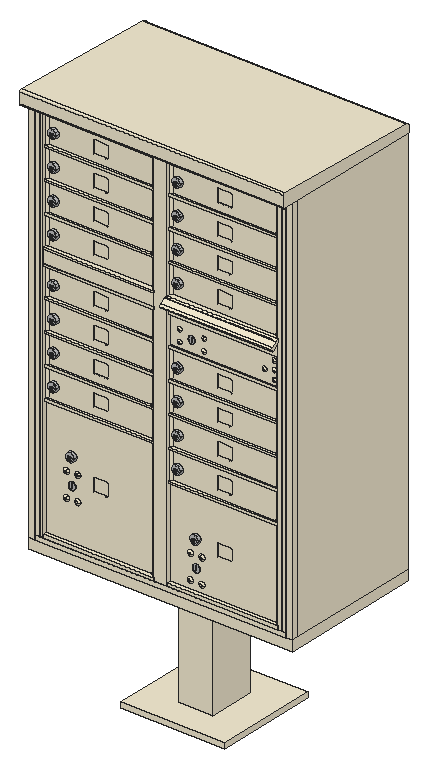
Revit family "Mailboxes_Cluster_Box_Units-Salsbury_Industries-Type_I_II_III_IV", category Specialty Equipment, Revit 2016 (continued)
Definition of nested family "3300 Series CBU Door Configurations"
  Dimensions and locks (in)
    equal spacing: plane 6 "Back Face of Door", plane 1 "Center (Front/Back)", plane 7 "Front Face of Door"
    "Door Depth": plane 6 "Back Face of Door" to plane 7 "Front Face of Door"
    equal spacing: plane 4 "Left Side Face of Door", plane 3 "Center (Left/Right)", plane 5 "Right Side Face of Door"  (x2)
    "Door Width": plane 4 "Left Side Face of Door" to plane 5 "Right Side Face of Door"
    plane 7 "Front Face of Door" to plane 10 "Face of Divider" = 0.312"
    "Center Lock-Vertical": plane 4 "Left Side Face of Door" to plane 11 "Center Lock Vertical"
    "Inset Offset": plane 16 "Inset Offset" to plane 7 "Front Face of Door"
    plane 4 "Left Side Face of Door" to plane 5 "Right Side Face of Door" = 12.885"
    plane 6 "Back Face of Door" to plane 10 "Face of Divider" = 0.426"  (x2)
    "Door Height": plane 8 to plane 2 "Bottom of Door"
    equal spacing: plane 8, plane 9, plane 2 "Bottom of Door"
    locked: plane 14 "Divider Height Align" to plane 8 at 0.25
    plane 17 to plane 9 to plane 18 = 0.37515" locked, 0.37452" locked
    plane 10 "Face of Divider" to plane 7 "Front Face of Door" = 0.312"
    locked: plane 10 "Face of Divider" to plane 13 "Face of Lock" at 0.01517
    plane 9 to plane 12 "Center Lock Horizontal" to plane 2 "Bottom of Door" = 0.222", 2.278"
    aligned and locked: level to plane 2 "Bottom of Door"
    aligned and locked: plane 4 "Left Side Face of Door" to Extrusion 1
    aligned and locked: plane 6 "Back Face of Door" to Extrusion 1
    aligned and locked: plane 7 "Front Face of Door" to Extrusion 1
    aligned and locked: plane 8 to Extrusion 1
    aligned and locked: Extrusion 3 sketch curve to plane 4 "Left Side Face of Door"
    aligned and locked: Extrusion 3 sketch curve to plane 6 "Back Face of Door"
    aligned and locked: plane 5 "Right Side Face of Door" to Extrusion 3 sketch curve
    aligned and locked: Extrusion 3 to plane 8
    aligned and locked: plane 10 "Face of Divider" to Extrusion 3 sketch curve
    aligned and locked: plane 14 "Divider Height Align" to Extrusion 3
    aligned and locked: cut or joined group of Extrusion 1, Extrusion 6 to plane 2 "Bottom of Door"
    aligned and locked: plane 18 to text3d elem
    aligned and locked: curve 1 to Extrusion 3
    aligned and locked: curve 2 to Extrusion 3
    aligned and locked: curve 3 to cut or joined group of Extrusion 1, Extrusion 6
    aligned and locked: curve 4 to cut or joined group of Extrusion 1, Extrusion 6
    aligned and locked: curve 5 to cut or joined group of Extrusion 1, Extrusion 6
    aligned and locked: curve 6 to Extrusion 3
    aligned and locked: curve 7 to cut or joined group of Extrusion 1, Extrusion 6
  Automatic sketch dimensions
    Blend 2 sketch curve to plane 9 = 0.22652"  (x2)
    plane 11 "Center Lock Vertical" to Blend 2 sketch curve = 0.000"  (x2)
    plane 11 "Center Lock Vertical" to Extrusion 4 sketch curve = 0.000"
    Extrusion 4 sketch curve to plane 9 = 0.34652"
    Extrusion 4 sketch curve to Extrusion 4 sketch curve = 0.285"
    plane 11 "Center Lock Vertical" to Extrusion 5 sketch curve = 0.02933"
    Extrusion 5 sketch curve to plane 11 "Center Lock Vertical" = 0.03067"
    Extrusion 5 sketch curve to plane 9 = 0.51822"
    Extrusion 5 sketch curve to plane 9 = 0.21822"
    Extrusion 6 sketch curve to plane 9 = 0.750"
    Extrusion 6 sketch curve to Extrusion 6 sketch curve = 0.125"  (x3)
    plane 9 to Extrusion 6 sketch curve = 0.625"  (x2)
    plane 3 "Center (Left/Right)" to Extrusion 6 sketch curve = 0.7775"
    plane 15 "Inset Center" to Extrusion 6 sketch curve = 0.750"
    Extrusion 1 sketch curve to plane 4 "Left Side Face of Door" = 0.000"
    Extrusion 1 sketch curve to plane 7 "Front Face of Door" = 0.000"
    Extrusion 1 sketch curve to plane 5 "Right Side Face of Door" = 0.000"
    Extrusion 1 sketch curve to plane 6 "Back Face of Door" = 0.000"
    plane 13 "Face of Lock" to Extrusion 1 sketch curve = 0.0053"
    Extrusion 1 sketch curve to plane 13 "Face of Lock" = 0.11122"
    plane 5 "Right Side Face of Door" to Extrusion 1 sketch curve = 0.61221"
    Extrusion 1 sketch curve to plane 7 "Front Face of Door" = 0.090"
    plane 5 "Right Side Face of Door" to Extrusion 1 sketch curve = 0.22088"
    Extrusion 1 sketch curve to Extrusion 1 sketch curve = 0.02588"
    Extrusion 1 sketch curve to plane 7 "Front Face of Door" = 0.0867"
    Extrusion 1 sketch curve to Extrusion 1 sketch curve = 0.03534"
    Extrusion 1 sketch curve to Extrusion 1 sketch curve = 0.07534"
    curve 8 to plane 11 "Center Lock Vertical" = 0.00067"
    plane 12 "Center Lock Horizontal" to curve 8 = 0.00378"
    radius of Blend 2 sketch curve = 0.525"
    radius of Blend 2 sketch curve = 0.485"
    radius of curve 8 = 0.5256"
Definition of nested family "3300 Series CBU Parcel Configurations"
  Parameters (values of type "CBU Large Parcel")
    Weight = ""
    Visible Door Number = yes
    URL = ""
    Parcel Lock = yes
    Number Inset = yes
    Model = "3300 Parcel Door"
    Manufacturer = "Salsbury Industries"
    Lock Offset = 8.887"
    Lock Material = none
    Door Width = 12.885"
    Door Number [instance] = "1P"
    Front Panel Material = none
    Door Height = 13.750"
    Door Divider = yes
    Door Depth = 0.114"
    Description = "Large Parcel Door for 3300 Series CBU Cluster Box Units"
    Cost = 0
    Center Lock-Vertical = 3.025"
    Center Lock-Horizontal = 3.025"
  Types (2): name | Lock Offset | Door Height | Description
    CBU Large Parcel | 8.887" | 13.750" | "Large Parcel Door for 3300 Series CBU Cluster Box Units"
    CBU Small Parcel | 5.394" | 10.250" | "Small Parcel Door for 3300 Series CBU Cluster Box Units"
  Reference planes (in)
    plane 1 "Center (Front/Back)": y = 0
    plane 2 "Bottom of Door": z = 0
    plane 3 "Center (Left/Right)": x = 0
    plane 4 "Left Side Face of Door": x = -6.4425
    plane 5 "Right Side Face of Door": x = 6.4425
    plane 6 "Back Face of Door": y = 0.057
    plane 7 "Front Face of Door": y = -0.057
    plane 8: z = 13.75
    plane 9 "Horiztonal Center of Door": z = 6.875
    plane 10 "Front Face of Divider": y = -0.369
    plane 11 "Center Lock Vertical": x = -3.4175
    plane 12 "Face of Lock": y = -0.42383
    plane 13 "Divider Height Align": z = 14
    plane 14 "Inset Center": x = -0.0975
    plane 15 "Bottom lock align": z = 5.79755
    plane 16 "Top Stud Align": z = 7.17255
    plane 17 "Bottom Stud Align": z = 4.36053
    plane 18 "Left Stud Align": x = -4.0738
    plane 19 "Right Stud Align": x = -2.7613
    plane 20 "Lock Center Align": z = 8.887
    plane 21: z = 8.74228
    plane 22: z = 8.5953
    plane 23 "PL6 Lock Offset Align": z = 0
    plane 24: y = -0.18295
    plane 25: z = 7.625
    plane 26: z = 6.125
    plane 27: z = 7.25
    plane 28: z = 6.5
  Forms (in)
    Extrusion 1, solid, material <- "Front Panel Material", visible <- "Number Inset"
      sketch origin (0, 0, 0) x (1, 0, 0) y (0, 1, 0)
        loop
          line (-6.4425, 0.057) -> (-6.4425, -0.057) -> (5.83029, -0.057)
          arc (5.83029, -0.057) -> (5.92959, -0.0858) -> (5.99808, -0.16325) r 0.18561
          arc (5.99808, -0.16325) -> (6.08667, -0.30916) -> (6.2475, -0.36636) r 0.2547
          arc (6.2475, -0.36636) -> (6.3867, -0.29375) -> (6.4425, -0.147) r 0.22088
          line (6.4425, -0.147) -> (6.4425, 0.057) -> (-6.4425, 0.057)
      from 0 to 13.75
    Blend 2, solid, material <- "Lock Material"
      base sketch origin (0, -0.057, 0) x (-1, 0, 0) y (0, 0, 1)
        loop
          circle (3.4175, 8.887) r 0.5
      top sketch origin (0, -0.057, 0) x (-1, 0, 0) y (0, 0, 1)
        loop
          circle (3.4175, 8.887) r 0.485
      from 0 to -0.29688
    Extrusion 3, solid, material <- "Front Panel Material", visible <- "Door Divider"
      sketch origin (0, 0, 14) x (-1, 0, 0) y (0, -1, 0)
        loop
          line (6.4425, -0.057) -> (6.4425, 0.369) -> (-6.4425, 0.369) -> (-6.4425, -0.057) -> (6.4425, -0.057)
      from -0.25 to 0
    Extrusion 4, void
      sketch origin (1.55773, -0.35387, 11.93273) x (0, 0, 1) y (-1, 0, 0)
        loop
          circle (-3.16573, 4.97523) r 0.285
      from 0 to -0.01562
    Extrusion 5, void
      sketch origin (0, -0.35387, 0) x (1, 0, 0) y (0, 0, 1)
        loop
          line (-3.44683, 8.887) -> (-3.44683, 8.5953) -> (-3.38683, 8.5953) -> (-3.38683, 8.887) -> (-3.44683, 8.887)
      from 0 to -0.03906
    Extrusion 6, void, detail levels medium+fine
      sketch origin (0, -0.057, 0) x (-1, 0, 0) y (0, 0, 1)
        loop
          line (0.8475, 7.625) -> (-0.6525, 7.625)
          arc (-0.6525, 7.625) -> (-0.74089, 7.58839) -> (-0.7775, 7.5) r 0.125
          line (-0.7775, 7.5) -> (-0.7775, 6.25)
          arc (-0.7775, 6.25) -> (-0.74089, 6.16161) -> (-0.6525, 6.125) r 0.125
          line (-0.6525, 6.125) -> (0.8475, 6.125)
          arc (0.8475, 6.125) -> (0.93589, 6.16161) -> (0.9725, 6.25) r 0.125
          line (0.9725, 6.25) -> (0.9725, 7.5)
          arc (0.9725, 7.5) -> (0.93589, 7.58839) -> (0.8475, 7.625) r 0.125
      from 0 to 0.03906
    Extrusion 7, void
      sketch origin (0, -0.057, 0) x (-1, 0, 0) y (0, 0, 1)
        loop
          circle (3.4175, 5.79755) r 0.4375
      from 0 to 0.25391
    Extrusion 8, solid, material <- "Lock Material", visible <- "Parcel Lock"
      sketch origin (0, 0.057, 0) x (-1, 0, 0) y (0, 0, 1)
        loop
          circle (3.4175, 5.79755) r 0.42913
      from 0 to -0.114
    Extrusion 9, void
      sketch origin (0, 0.057, 0) x (-1, 0, 0) y (0, 0, 1)
        loop
          line (3.4468, 6.10714) -> (3.3882, 6.10714) -> (3.3882, 5.48795) -> (3.4468, 5.48795) -> (3.4468, 6.10714)
      from -0.057 to -0.114
    Blend 10, solid, material <- "Front Panel Material", detail levels medium+fine
      base sketch origin (0, -0.12695, -2.2297) x (-1, 0, 0) y (0, 0, 1)
        loop
          circle (4.0738, 6.59023) r 0.15665
      top sketch origin (0, -0.12695, -2.2297) x (-1, 0, 0) y (0, 0, 1)
        loop
          circle (4.0738, 6.59023) r 0.3125
      from -0.056 to 0.06995
    Blend 11, solid, material <- "Front Panel Material", detail levels medium+fine
      base sketch origin (1.3125, -0.12695, -3.9797) x (-1, 0, 0) y (0, 0, 1)
        loop
          circle (4.0738, 8.34023) r 0.15665
      top sketch origin (1.3125, -0.12695, -3.9797) x (-1, 0, 0) y (0, 0, 1)
        loop
          circle (4.0738, 8.34023) r 0.3125
      from -0.056 to 0.06995
    Blend 12, solid, material <- "Front Panel Material", detail levels medium+fine
      base sketch origin (0, -0.12695, 4.08231) x (-1, 0, 0) y (0, 0, 1)
        loop
          circle (4.0738, 3.09023) r 0.15665
      top sketch origin (0, -0.12695, 4.08231) x (-1, 0, 0) y (0, 0, 1)
        loop
          circle (4.0738, 3.09023) r 0.3125
      from -0.056 to 0.06995
    Blend 13, solid, material <- "Front Panel Material", detail levels medium+fine
      base sketch origin (1.3125, -0.12695, 2.33231) x (-1, 0, 0) y (0, 0, 1)
        loop
          circle (4.0738, 4.84023) r 0.15665
      top sketch origin (1.3125, -0.12695, 2.33231) x (-1, 0, 0) y (0, 0, 1)
        loop
          circle (4.0738, 4.84023) r 0.3125
      from -0.056 to 0.06995
  Cuts and joins
    Extrusion 4, Extrusion 5 cuts Blend 2
    Extrusion 6, Extrusion 7 cuts Extrusion 1
    Extrusion 9 cuts Extrusion 8
  Lines and regions (in)
    symbolic lines
      curve 1: line (-6.4425, -0.057, 14) -> (6.4425, -0.057, 14)
      curve 2: line (-6.4425, -0.057, 0) -> (-6.4425, -0.057, 14)
      curve 3: line (6.4425, -0.057, 0) -> (-6.4425, -0.057, 0)
      curve 4: line (6.4425, -0.057, 14) -> (6.4425, -0.057, 0)
      curve 5: line (-6.4425, -0.057, 13.75) -> (6.4425, -0.057, 13.75)
      curve 6: line (5.99808, -0.057, 0) -> (5.99808, -0.057, 13.75)
      curve 7: line (6.2475, -0.057, 0) -> (6.2475, -0.057, 13.75)
      curve 8: circle (-3.41683, -0.057, 8.887) r 0.50041 normal (0, 1, 0)
      curve 9: circle (-3.4175, -0.057, 5.79755) r 0.42913 normal (0, 1, 0)
      curve 10: circle (-4.0738, -0.057, 7.17255) r 0.3125 normal (0, 1, 0)
      curve 11: circle (-2.7613, -0.057, 7.17255) r 0.3125 normal (0, 1, 0)
      curve 12: circle (-2.7613, -0.057, 4.36053) r 0.3125 normal (0, 1, 0)
      curve 13: circle (-4.0738, -0.057, 4.36053) r 0.3125 normal (0, 1, 0)
  Dimensions and locks (in)
    equal spacing: plane 6 "Back Face of Door", plane 1 "Center (Front/Back)", plane 7 "Front Face of Door"
    "Door Depth": plane 6 "Back Face of Door" to plane 7 "Front Face of Door"
    equal spacing: plane 4 "Left Side Face of Door", plane 3 "Center (Left/Right)", plane 5 "Right Side Face of Door"
    "Door Width": plane 4 "Left Side Face of Door" to plane 5 "Right Side Face of Door"
    equal spacing: plane 8, plane 9 "Horiztonal Center of Door", level
    plane 7 "Front Face of Door" to plane 10 "Front Face of Divider" = 0.312"
    "Center Lock-Vertical": plane 4 "Left Side Face of Door" to plane 11 "Center Lock Vertical"
    locked: plane 13 "Divider Height Align" to plane 8 at 0.25
    plane 6 "Back Face of Door" to plane 10 "Front Face of Divider" = 0.426"
    plane 4 "Left Side Face of Door" to plane 5 "Right Side Face of Door" = 12.885"
    plane 20 "Lock Center Align" to plane 21 to plane 22 = 0.14472" locked, 0.14698" locked
    plane 20 "Lock Center Align" to plane 16 "Top Stud Align" to plane 15 "Bottom lock align" to plane 17 "Bottom Stud Align" = 1.71445", 1.375", 1.43701" locked
    "Lock Offset": plane 20 "Lock Center Align" to level
    "Door Height": plane 8 to plane 2 "Bottom of Door"
    plane 18 "Left Stud Align" to plane 11 "Center Lock Vertical" to plane 19 "Right Stud Align" = 0.6563" locked, 0.6562" locked
    plane 25 to plane 9 "Horiztonal Center of Door" to plane 26 = 0.750" locked, 0.750" locked
    plane 27 to plane 9 "Horiztonal Center of Door" to plane 28 = 0.375", 0.375"
    aligned and locked: level to plane 2 "Bottom of Door"
    aligned and locked: plane 4 "Left Side Face of Door" to Extrusion 1
    aligned and locked: plane 6 "Back Face of Door" to Extrusion 1
    aligned and locked: plane 7 "Front Face of Door" to Extrusion 1
    aligned and locked: Extrusion 1 to level
    aligned and locked: plane 8 to Extrusion 1
    aligned and locked: Extrusion 3 sketch curve to plane 4 "Left Side Face of Door"
    aligned and locked: Extrusion 3 sketch curve to plane 6 "Back Face of Door"
    aligned and locked: plane 5 "Right Side Face of Door" to Extrusion 3 sketch curve
    aligned and locked: Extrusion 3 to plane 8
    aligned and locked: plane 13 "Divider Height Align" to Extrusion 3
    aligned and locked: plane 4 "Left Side Face of Door" to Extrusion 3
    aligned and locked: Extrusion 3 to plane 5 "Right Side Face of Door"
    aligned and locked: Blend 10 to cut or joined group of Extrusion 1, Extrusion 6, Extrusion 7
    aligned and locked: Blend 11 to cut or joined group of Extrusion 1, Extrusion 6, Extrusion 7
    aligned and locked: Blend 12 to cut or joined group of Extrusion 1, Extrusion 6, Extrusion 7
    aligned and locked: Blend 13 to cut or joined group of Extrusion 1, Extrusion 6, Extrusion 7
    aligned and locked: plane 16 "Top Stud Align" to Blend 12
    aligned and locked: plane 16 "Top Stud Align" to Blend 13
    aligned and locked: plane 17 "Bottom Stud Align" to Blend 10
    aligned and locked: plane 17 "Bottom Stud Align" to Blend 11
    aligned and locked: plane 22 to cut or joined group of Blend 2, Extrusion 4, Extrusion 5
    aligned and locked: plane 20 "Lock Center Align" to cut or joined group of Blend 2, Extrusion 4, Extrusion 5
    aligned and locked: cut or joined group of Extrusion 1, Extrusion 6, Extrusion 7 to plane 23 "PL6 Lock Offset Align"
    aligned and locked: Extrusion 8 to plane 7 "Front Face of Door"
    aligned and locked: Extrusion 3 to plane 10 "Front Face of Divider"
    aligned and locked: plane 25 to cut or joined group of Extrusion 1, Extrusion 6, Extrusion 7
    aligned and locked: plane 26 to cut or joined group of Extrusion 1, Extrusion 6, Extrusion 7
    aligned and locked: Extrusion 6 sketch curve to plane 25
    aligned and locked: plane 26 to Extrusion 6 sketch curve
    aligned and locked: plane 28 to text3d elem
    aligned and locked: plane 27 to text3d elem
    aligned and locked: curve 1 to Extrusion 3
    aligned and locked: curve 2 to Extrusion 3
    aligned and locked: curve 3 to cut or joined group of Extrusion 1, Extrusion 6, Extrusion 7
    aligned and locked: curve 4 to cut or joined group of Extrusion 1, Extrusion 6, Extrusion 7
    aligned and locked: curve 5 to Extrusion 3
    aligned and locked: curve 6 to cut or joined group of Extrusion 1, Extrusion 6, Extrusion 7
    aligned and locked: curve 7 to cut or joined group of Extrusion 1, Extrusion 6, Extrusion 7
  Automatic sketch dimensions
    plane 11 "Center Lock Vertical" to Extrusion 7 sketch curve = 0.000"
    Extrusion 7 sketch curve to plane 15 "Bottom lock align" = 0.000"
    plane 11 "Center Lock Vertical" to Extrusion 8 sketch curve = 0.000"
    Extrusion 8 sketch curve to plane 15 "Bottom lock align" = 0.000"
    Extrusion 9 sketch curve to plane 11 "Center Lock Vertical" = 0.0293"
    plane 11 "Center Lock Vertical" to Extrusion 9 sketch curve = 0.0293"
    Extrusion 9 sketch curve to plane 15 "Bottom lock align" = 0.30959"
    plane 15 "Bottom lock align" to Extrusion 9 sketch curve = 0.30959"
    Blend 10 sketch curve to plane 18 "Left Stud Align" = 0.000"  (x2)
    Blend 11 sketch curve to plane 19 "Right Stud Align" = 0.000"  (x2)
    plane 18 "Left Stud Align" to Blend 12 sketch curve = 0.000"  (x2)
    plane 19 "Right Stud Align" to Blend 13 sketch curve = 0.000"  (x2)
    Blend 12 sketch curve to plane 16 "Top Stud Align" = 0.000"  (x2)
    Blend 13 sketch curve to plane 16 "Top Stud Align" = 0.000"  (x2)
    plane 17 "Bottom Stud Align" to Blend 10 sketch curve = 0.000"  (x2)
    plane 17 "Bottom Stud Align" to Blend 11 sketch curve = 0.000"  (x2)
    Extrusion 4 sketch curve to Extrusion 4 sketch curve = 0.000"  (x2)
    plane 11 "Center Lock Vertical" to Extrusion 4 sketch curve = 0.000"
    plane 21 to Extrusion 4 sketch curve = 0.02472"
    Extrusion 4 sketch curve to plane 11 "Center Lock Vertical" = 0.285"
    plane 11 "Center Lock Vertical" to Blend 2 sketch curve = 0.000"  (x2)
    Blend 2 sketch curve to plane 20 "Lock Center Align" = 0.000"  (x2)
    Extrusion 3 sketch curve to plane 10 "Front Face of Divider" = 0.000"
    Extrusion 5 sketch curve to plane 22 = 0.000"
    Extrusion 5 sketch curve to plane 20 "Lock Center Align" = 0.000"
    plane 11 "Center Lock Vertical" to Extrusion 5 sketch curve = 0.02933"
    Extrusion 5 sketch curve to plane 11 "Center Lock Vertical" = 0.03067"
    Extrusion 1 sketch curve to plane 4 "Left Side Face of Door" = 0.000"
    Extrusion 1 sketch curve to plane 7 "Front Face of Door" = 0.000"
    Extrusion 1 sketch curve to plane 5 "Right Side Face of Door" = 0.000"
    Extrusion 1 sketch curve to plane 6 "Back Face of Door" = 0.000"
    Extrusion 1 sketch curve to plane 24 = 0.05966"
    plane 5 "Right Side Face of Door" to Extrusion 1 sketch curve = 0.61221"
    plane 24 to Extrusion 1 sketch curve = 0.03596"
    Extrusion 1 sketch curve to Extrusion 1 sketch curve = 0.22088"
    Extrusion 1 sketch curve to Extrusion 1 sketch curve = 0.02588"
    Extrusion 1 sketch curve to Extrusion 1 sketch curve = 0.03534"
    plane 3 "Center (Left/Right)" to Extrusion 6 sketch curve = 0.7775"
    Extrusion 6 sketch curve to Extrusion 6 sketch curve = 0.125"  (x3)
    plane 14 "Inset Center" to Extrusion 6 sketch curve = 0.750"  (x2)
    curve 12 to plane 17 "Bottom Stud Align" = 0.000"
    plane 19 "Right Stud Align" to curve 12 = 0.000"
    curve 11 to plane 16 "Top Stud Align" = 0.000"
    plane 19 "Right Stud Align" to curve 11 = 0.000"
    curve 8 to plane 20 "Lock Center Align" = 0.000"
    plane 11 "Center Lock Vertical" to curve 9 = 0.000"
    curve 10 to plane 16 "Top Stud Align" = 0.000"
    plane 18 "Left Stud Align" to curve 10 = 0.000"
    curve 13 to plane 17 "Bottom Stud Align" = 0.000"
    plane 18 "Left Stud Align" to curve 13 = 0.000"
    curve 9 to plane 15 "Bottom lock align" = 0.000"
    curve 8 to plane 11 "Center Lock Vertical" = 0.00067"
    radius of Extrusion 7 sketch curve = 0.4375"
    radius of Extrusion 8 sketch curve = 0.42913"
    radius of Blend 10 sketch curve = 0.15665"
    radius of Blend 10 sketch curve = 0.3125"
    radius of Blend 11 sketch curve = 0.15665"
    radius of Blend 11 sketch curve = 0.3125"
    radius of Blend 12 sketch curve = 0.15665"
    radius of Blend 12 sketch curve = 0.3125"
    radius of Blend 13 sketch curve = 0.15665"
    radius of Blend 13 sketch curve = 0.3125"
    radius of Blend 2 sketch curve = 0.500"
    radius of Blend 2 sketch curve = 0.485"
    radius of curve 8 = 0.50041"
    radius of curve 9 = 0.42913"
    radius of curve 10 = 0.3125"
    radius of curve 11 = 0.3125"
    radius of curve 12 = 0.3125"
    radius of curve 13 = 0.3125"
Definition of nested family "3300 Series CBU Small Mail Configuration"
  Parameters (values of type "Small Mail Door")
    Weight = ""
    URL = ""
    Top Stud Alignment = 2.000"
    Parcel Lock = yes
    Model = "3700OM2"
    Manufacturer = "Salsbury Industries"
    Mail Plate Text Height = 0.34945"
    Lock Material = none
    Front Panel Material = none
    Door Width = 12.885"
    Door Number [instance] = "101"
    Door Height = 5.250"
    Door Depth = 0.171"
    Description = "OM2 Door for 3700 Series 4C Mailboxes"
    Cost = 0
    Center Lock-Vertical = 2.550"
    Center Lock-Horizontal = 1.927"
  Reference planes (in)
    plane 1 "Center (Front/Back)": y = 0
    plane 2 "Bottom of Door": z = 0
    plane 3 "Center (Left/Right)": x = 0
    plane 4 "Left Side Face of Door": x = -6.4425
    plane 5 "Right Side Face of Door": x = 6.4425
    plane 6 "Back Face of Door": y = 0.0855
    plane 7 "Front Face of Door": y = -0.0855
    plane 8: z = 3.25
    plane 9 "Center": z = 1.625
    plane 10 "Face of Mail Drop": y = -0.3405
    plane 11 "Center Lock Vertical": x = -3.8925
    plane 12 "Center Lock Horizontal": z = 1.323
    plane 13 "Protrusion Start": y = -0.52801
    plane 14 "Divider Height Align": z = 3.251
    plane 15 "Plate Center": x = -0.16063
    plane 16 "Left Stud Align": x = -5.2675
    plane 17 "Right Stud Align": x = -2.4555
    plane 18 "Top Stud Align": z = 1.979
    plane 19 "Bottom Stud Align": z = 0.667
    plane 20 "Top of Mail Drop Divider": z = 5.25
    plane 21 "Top of Mail Slot": z = 4.6704
    plane 22 "Bottom of Mail Slot": z = 3.995
    plane 23 "Left Edge of Mail Slot": x = -5.8585
    plane 24 "Right Edge of Mail Slot": x = 5.8585
    plane 25 "Mail Slot Bottom Protusion": z = 4.7954
    plane 26: y = -0.424
    plane 27: z = 4.4059
    plane 28 "Hing Alignment": x = 5.6715
    plane 29 "Hinge Stud 1": z = 0.575
    plane 30 "Hinge Stud 3": z = 1.575
    plane 31 "Hinge Stud 4": z = 2.575
    plane 32: x = 4.5245
    plane 33: z = 1.55983
    plane 34: z = 1.07581
    plane 35: z = 1.54976
    plane 36: z = 1.09595
  Forms (in)
    Extrusion 1, solid, material <- "Front Panel Material"
      sketch origin (0, 0, 0) x (1, 0, 0) y (0, 1, 0)
        loop
          line (-6.4425, 0.0855) -> (-6.4425, -0.0855) -> (5.8458, -0.0855)
          arc (5.8458, -0.0855) -> (5.96407, -0.1166) -> (6.05175, -0.20184) r 0.24047
          arc (6.05175, -0.20184) -> (6.13128, -0.29316) -> (6.2475, -0.32718) r 0.21552
          arc (6.2475, -0.32718) -> (6.38241, -0.2966) -> (6.4425, -0.172) r 0.15925
          line (6.4425, -0.172) -> (6.4425, 0.0855) -> (-6.4425, 0.0855)
      from 0 to 3.25
    Extrusion 2, void
      sketch origin (0, -0.0855, 3.098) x (-1, 0, 0) y (0, 0, 1)
        loop
          circle (3.8925, -1.775) r 0.407
      from 0 to 0.25391
    Extrusion 3, solid, material <- "Lock Material", visible <- "Parcel Lock"
      sketch origin (0, 0.0855, 3.09941) x (-1, 0, 0) y (0, 0, 1)
        loop
          circle (3.8925, -1.775) r 0.387
      from 0 to -0.171
    Blend 4, solid, material <- "Front Panel Material", detail levels medium+fine
      base sketch origin (0, -0.0855, 2.68123) x (-1, 0, 0) y (0, 0, 1)
        loop
          circle (5.2675, -0.70223) r 0.1
      top sketch origin (0, -0.0855, 2.68123) x (-1, 0, 0) y (0, 0, 1)
        loop
          circle (5.2675, -0.70223) r 0.227
      from -0.11328 to 0
    Blend 5, solid, material <- "Front Panel Material", detail levels medium+fine
      base sketch origin (1.3125, -0.0855, 2.68123) x (-1, 0, 0) y (0, 0, 1)
        loop
          circle (3.768, -0.70223) r 0.1
      top sketch origin (1.3125, -0.0855, 2.68123) x (-1, 0, 0) y (0, 0, 1)
        loop
          circle (3.768, -0.70223) r 0.227
      from -0.11328 to 0
    Blend 6, solid, material <- "Front Panel Material", detail levels medium+fine
      base sketch origin (0, -0.0855, 1.36923) x (-1, 0, 0) y (0, 0, 1)
        loop
          circle (5.2675, -0.70223) r 0.1
      top sketch origin (0, -0.0855, 1.36923) x (-1, 0, 0) y (0, 0, 1)
        loop
          circle (5.2675, -0.70223) r 0.227
      from -0.11328 to 0
    Blend 7, solid, material <- "Front Panel Material", detail levels medium+fine
      base sketch origin (1.3125, -0.0855, 1.36923) x (-1, 0, 0) y (0, 0, 1)
        loop
          circle (3.768, -0.70223) r 0.1
      top sketch origin (1.3125, -0.0855, 1.36923) x (-1, 0, 0) y (0, 0, 1)
        loop
          circle (3.768, -0.70223) r 0.227
      from -0.11328 to 0
    Extrusion 8, solid, material <- "Front Panel Material"
      sketch origin (-2.13946, 0, 3.251) x (-1, 0, 0) y (0, -1, 0)
        loop
          line (4.30304, -0.0855) -> (4.30304, 0.3405) -> (-8.58196, 0.3405) -> (-8.58196, -0.0855) -> (4.30304, -0.0855)
      from 0 to 1.5444
    Extrusion 9, void
      sketch origin (0, -0.275, 0) x (0, 0, -1) y (-1, 0, 0)
        loop
          arc (-3.995, 5.59361) -> (-4.3952, 5.99381) -> (-4.7954, 5.59361) r 0.4002
          line (-4.7954, 5.59361) -> (-4.7954, -5.59342)
          arc (-4.7954, -5.59342) -> (-4.3952, -5.99362) -> (-3.995, -5.59342) r 0.4002
          line (-3.995, -5.59342) -> (-3.995, 5.59361)
      from -0.0655 to 0.3605
    Blend 10, solid, material <- "Front Panel Material", detail levels medium+fine
      base sketch origin (0, -0.0855, 0) x (-1, 0, 0) y (0, 0, 1)
        loop
          circle (-5.672, 0.575) r 0.1
      top sketch origin (0, -0.0855, 0) x (-1, 0, 0) y (0, 0, 1)
        loop
          circle (-5.672, 0.575) r 0.227
      from -0.11328 to 0
    Blend 11, solid, material <- "Front Panel Material", detail levels medium+fine
      base sketch origin (0, -0.0855, 0) x (-1, 0, 0) y (0, 0, 1)
        loop
          circle (-5.6715, 1.575) r 0.1
      top sketch origin (0, -0.0855, 0) x (-1, 0, 0) y (0, 0, 1)
        loop
          circle (-5.6715, 1.575) r 0.227
      from -0.11328 to 0
    Blend 12, solid, material <- "Front Panel Material", detail levels medium+fine
      base sketch origin (0, -0.0855, 0) x (-1, 0, 0) y (0, 0, 1)
        loop
          circle (-5.6715, 2.575) r 0.1
      top sketch origin (0, -0.0855, 0) x (-1, 0, 0) y (0, 0, 1)
        loop
          circle (-5.6715, 2.575) r 0.227
      from -0.11328 to 0
    Blend 13, solid, material <- "Front Panel Material", detail levels medium+fine
      base sketch origin (0, -0.0855, 0) x (-1, 0, 0) y (0, 0, 1)
        loop
          circle (-4.54354, 1.323) r 0.1
      top sketch origin (0, -0.0855, 0) x (-1, 0, 0) y (0, 0, 1)
        loop
          circle (-4.54354, 1.323) r 0.227
      from -0.11328 to 0
    Extrusion 14, solid, material <- "Front Panel Material"
      sketch origin (0, 0.12945, 0) x (0, 1, 0) y (0, 0, 1)
        loop
          line (-0.04395, 4.7954) -> (-0.04395, 5.25) -> (-0.65745, 5.25) -> (-0.88554, 5.0876) -> (-0.86234, 5.05501) -> (-1.43235, 4.64917) -> (-1.45555, 4.68175) -> (-1.65921, 4.53675) -> (-1.4707, 4.272) -> (-0.65745, 4.85104)
          arc (-0.65745, 4.85104) -> (-0.55014, 4.86892) -> (-0.46995, 4.7954) r 0.12413
          line (-0.46995, 4.7954) -> (-0.04395, 4.7954)
      from -6.4425 to 6.4425
    Extrusion 15, void
      sketch origin (0, 0.0855, 3.58463) x (-1, 0, 0) y (0, 0, 1)
        loop
          line (3.9218, -2.0248) -> (3.8632, -2.0248) -> (3.8632, -2.50882) -> (3.9218, -2.50882) -> (3.9218, -2.0248)
      from -0.0855 to -0.1902
  Cuts and joins
    Extrusion 2 cuts Extrusion 1
    Extrusion 9 cuts Extrusion 8
    Extrusion 15 cuts Extrusion 3
  Lines and regions (in)
    reference lines
      curve 1: line (0, -0.73289, 5.05501) -> (0, -1.50655, 4.50416)
      curve 2: line (-2.84022, -0.73418, 4.7954) -> (3.90978, -0.73418, 4.7954)
      curve 21: line (5.4425, -1.3261, 4.68175) -> (5.4425, -1.1376, 4.417)
      curve 22: line (5.4425, -1.04144, 4.88443) -> (5.4425, -0.85293, 4.61968)
    symbolic lines
      curve 3: line (-6.4425, -0.528, 4.7954) -> (6.4425, -0.528, 4.7954)
      curve 4: line (-6.4425, -1.52975, 4.7954) -> (-6.4425, -0.528, 4.7954)
      curve 5: line (6.4425, -1.52975, 4.7954) -> (-6.4425, -1.52975, 4.7954)
      curve 6: line (6.4425, -0.528, 4.7954) -> (6.4425, -1.52975, 4.7954)
      curve 7: line (-6.4425, -0.0855, 5.25) -> (6.4425, -0.0855, 5.25)
      curve 8: line (-6.4425, -0.0855, 0) -> (-6.4425, -0.0855, 5.25)
      curve 9: line (6.4425, -0.0855, 0) -> (-6.4425, -0.0855, 0)
      curve 10: line (6.4425, -0.0855, 5.25) -> (6.4425, -0.0855, 0)
      curve 11: line (-6.4425, -0.0855, 4.272) -> (6.4425, -0.0855, 4.272)
      curve 12: line (-6.4425, -0.0855, 3.251) -> (6.4425, -0.0855, 3.251)
      curve 13: arc (-5.9425, -0.0855, 4.272) -> (-5.86137, -0.0855, 4.07613) -> (-5.6655, -0.0855, 3.995) r 0.277
      curve 14: arc (5.97418, -0.0855, 4.272) -> (5.82885, -0.0855, 4.07158) -> (5.59342, -0.0855, 3.995) r 0.4002
      curve 15: line (5.59342, -0.0855, 3.995) -> (-5.59361, -0.0855, 3.995)
      curve 16: circle (-3.8925, -0.0855, 1.323) r 0.3879 normal (0, 1, 0)
      curve 17: circle (-5.2675, -0.0855, 1.979) r 0.227 normal (0, 1, 0)
      curve 18: circle (-5.2675, -0.0855, 0.667) r 0.227 normal (0, 1, 0)
      curve 19: circle (-2.4555, -0.0855, 0.667) r 0.227 normal (0, 1, 0)
      curve 20: circle (-2.4555, -0.0855, 1.979) r 0.227 normal (0, 1, 0)
  Dimensions and locks (in)
    equal spacing: plane 6 "Back Face of Door", plane 1 "Center (Front/Back)", plane 7 "Front Face of Door"
    "Door Depth": plane 6 "Back Face of Door" to plane 7 "Front Face of Door"
    equal spacing: plane 4 "Left Side Face of Door", plane 3 "Center (Left/Right)", plane 5 "Right Side Face of Door"
    "Door Width": plane 4 "Left Side Face of Door" to plane 5 "Right Side Face of Door"
    plane 20 "Top of Mail Drop Divider" to plane 8 to level = 2.000", 3.250"
    equal spacing: plane 8, plane 9 "Center", level
    plane 7 "Front Face of Door" to plane 10 "Face of Mail Drop" = 0.255"
    "Center Lock-Vertical": plane 4 "Left Side Face of Door" to plane 11 "Center Lock Vertical"
    "Center Lock-Horizontal": plane 8 to plane 12 "Center Lock Horizontal"
    plane 4 "Left Side Face of Door" to plane 16 "Left Stud Align" to plane 17 "Right Stud Align" = 1.175", 2.812"
    "Door Height": plane 20 "Top of Mail Drop Divider" to level
    plane 20 "Top of Mail Drop Divider" to plane 21 "Top of Mail Slot" = 0.5796"
    plane 21 "Top of Mail Slot" to plane 22 "Bottom of Mail Slot" = 0.6754"
    locked: plane 4 "Left Side Face of Door" to plane 23 "Left Edge of Mail Slot" at 0.584
    locked: plane 24 "Right Edge of Mail Slot" to plane 5 "Right Side Face of Door" at 0.584
    plane 25 "Mail Slot Bottom Protusion" to plane 21 "Top of Mail Slot" = 0.125"
    plane 25 "Mail Slot Bottom Protusion" to plane 27 = 0.3895"
    plane 4 "Left Side Face of Door" to plane 5 "Right Side Face of Door" = 12.885"
    plane 27 to plane 22 "Bottom of Mail Slot" = 0.4109"
    plane 32 to plane 28 "Hing Alignment" to plane 5 "Right Side Face of Door" = 1.147", 0.771"
    plane 22 "Bottom of Mail Slot" to plane 14 "Divider Height Align" = 0.744"
    plane 33 to plane 12 "Center Lock Horizontal" to plane 34 = 0.23683" locked, 0.24719" locked
    plane 18 "Top Stud Align" to plane 12 "Center Lock Horizontal" to plane 19 "Bottom Stud Align" = 0.656" locked, 0.656" locked
    plane 35 to plane 12 "Center Lock Horizontal" to plane 36 = 0.22676", 0.22705"
    locked: plane 30 "Hinge Stud 3" to plane 12 "Center Lock Horizontal" at 0.252
    equal spacing: plane 31 "Hinge Stud 4", plane 30 "Hinge Stud 3", plane 29 "Hinge Stud 1"
    "Top Stud Alignment": plane 31 "Hinge Stud 4" to plane 29 "Hinge Stud 1"
    curve 21 to text3d elem = 0.349"
    locked: plane 27 to curve 1 (angle 35.451°)
    aligned and locked: level to plane 2 "Bottom of Door"
    aligned and locked: plane 4 "Left Side Face of Door" to Extrusion 1
    aligned and locked: plane 6 "Back Face of Door" to Extrusion 1
    aligned and locked: plane 7 "Front Face of Door" to Extrusion 1
    aligned and locked: Extrusion 1 to level
    aligned and locked: plane 8 to Extrusion 1
    aligned and locked: cut or joined group of Extrusion 8, Extrusion 9 to cut or joined group of Extrusion 8, Extrusion 9
    aligned and locked: plane 25 "Mail Slot Bottom Protusion" to Extrusion 9
    aligned and locked: plane 34 to cut or joined group of Extrusion 3, Extrusion 15
    aligned and locked: plane 33 to cut or joined group of Extrusion 3, Extrusion 15
    aligned and locked: plane 31 "Hinge Stud 4" to Blend 12
    aligned and locked: plane 30 "Hinge Stud 3" to Blend 11
    aligned and locked: plane 29 "Hinge Stud 1" to Blend 10
    aligned and locked: plane 12 "Center Lock Horizontal" to Blend 13
    aligned and locked: curve 1 to text3d elem
    aligned and locked: curve 3 to Extrusion 14
    aligned and locked: curve 4 to Extrusion 14
    aligned and locked: curve 5 to Extrusion 14
    aligned and locked: curve 6 to Extrusion 14
    aligned and locked: curve 7 to Extrusion 14
    aligned and locked: curve 8 to Extrusion 14
    aligned and locked: curve 9 to cut or joined group of Extrusion 1, Extrusion 2
    aligned and locked: curve 10 to cut or joined group of Extrusion 1, Extrusion 2
    aligned and locked: curve 11 to Extrusion 14
    aligned and locked: curve 12 to cut or joined group of Extrusion 8, Extrusion 9
    aligned and locked: cut or joined group of Extrusion 8, Extrusion 9 to curve 13
    aligned and locked: curve 14 to cut or joined group of Extrusion 8, Extrusion 9
    aligned and locked: curve 21 to Extrusion 14
  Automatic sketch dimensions
    plane 11 "Center Lock Vertical" to Extrusion 2 sketch curve = 0.000"
    Extrusion 2 sketch curve to plane 12 "Center Lock Horizontal" = 0.000"
    plane 11 "Center Lock Vertical" to Extrusion 3 sketch curve = 0.000"
    plane 12 "Center Lock Horizontal" to Extrusion 3 sketch curve = 0.00141"
    plane 16 "Left Stud Align" to Blend 4 sketch curve = 0.000"  (x2)
    Blend 4 sketch curve to plane 18 "Top Stud Align" = 0.000"  (x2)
    plane 17 "Right Stud Align" to Blend 5 sketch curve = 0.000"  (x2)
    Blend 5 sketch curve to plane 18 "Top Stud Align" = 0.000"  (x2)
    plane 16 "Left Stud Align" to Blend 6 sketch curve = 0.000"  (x2)
    Blend 6 sketch curve to plane 19 "Bottom Stud Align" = 0.000"  (x2)
    plane 17 "Right Stud Align" to Blend 7 sketch curve = 0.000"  (x2)
    Blend 7 sketch curve to plane 19 "Bottom Stud Align" = 0.000"  (x2)
    Extrusion 1 sketch curve to plane 4 "Left Side Face of Door" = 0.000"
    Extrusion 1 sketch curve to plane 7 "Front Face of Door" = 0.000"
    Extrusion 1 sketch curve to plane 5 "Right Side Face of Door" = 0.000"
    Extrusion 1 sketch curve to plane 6 "Back Face of Door" = 0.000"
    plane 24 "Right Edge of Mail Slot" to Extrusion 1 sketch curve = 0.0127"
    Extrusion 1 sketch curve to plane 7 "Front Face of Door" = 0.02616"
    plane 5 "Right Side Face of Door" to Extrusion 1 sketch curve = 0.195"
    Extrusion 1 sketch curve to Extrusion 1 sketch curve = 0.03575"
    plane 1 "Center (Front/Back)" to Extrusion 1 sketch curve = 0.172"
    Extrusion 1 sketch curve to Extrusion 1 sketch curve = 0.24047"
    Extrusion 8 sketch curve to plane 5 "Right Side Face of Door" = 0.000"
    Extrusion 8 sketch curve to plane 4 "Left Side Face of Door" = 0.000"
    Extrusion 8 sketch curve to plane 6 "Back Face of Door" = 0.000"
    Extrusion 8 sketch curve to plane 10 "Face of Mail Drop" = 0.000"
    Extrusion 9 sketch curve to plane 25 "Mail Slot Bottom Protusion" = 0.000"
    Extrusion 9 sketch curve to plane 22 "Bottom of Mail Slot" = 0.000"
    plane 28 "Hing Alignment" to Extrusion 9 sketch curve = 0.07808"
    Extrusion 9 sketch curve to plane 23 "Left Edge of Mail Slot" = 0.26489"
    Extrusion 14 sketch curve to plane 20 "Top of Mail Drop Divider" = 0.000"
    Extrusion 14 sketch curve to plane 10 "Face of Mail Drop" = 0.000"
    Extrusion 14 sketch curve to plane 6 "Back Face of Door" = 0.000"
    Extrusion 14 sketch curve to plane 25 "Mail Slot Bottom Protusion" = 0.000"
    Extrusion 14 sketch curve to plane 26 = 0.032"
    Extrusion 14 sketch curve to plane 26 = 0.104"
    plane 25 "Mail Slot Bottom Protusion" to Extrusion 14 sketch curve = 0.05564"
    Extrusion 14 sketch curve to Extrusion 14 sketch curve = 0.072"
    plane 13 "Protrusion Start" to Extrusion 14 sketch curve = 0.20488"
    Extrusion 14 sketch curve to Extrusion 14 sketch curve = 0.0232"
    Extrusion 14 sketch curve to plane 21 "Top of Mail Slot" = 0.02123"
    plane 13 "Protrusion Start" to Extrusion 14 sketch curve = 0.77489"
    plane 21 "Top of Mail Slot" to Extrusion 14 sketch curve = 0.01135"
    Extrusion 14 sketch curve to plane 27 = 0.1339"
    plane 30 "Hinge Stud 3" to Extrusion 15 sketch curve = 0.01517"
    Extrusion 15 sketch curve to plane 11 "Center Lock Vertical" = 0.0293"
    Extrusion 15 sketch curve to Extrusion 15 sketch curve = 0.05859"
    Extrusion 15 sketch curve to plane 12 "Center Lock Horizontal" = 0.24719"
    plane 13 "Protrusion Start" to curve 2 = 0.20617"
    plane 32 to curve 2 = 0.61472"
    plane 17 "Right Stud Align" to curve 2 = 0.38472"
    Blend 13 sketch curve to plane 12 "Center Lock Horizontal" = 0.000"  (x2)
    Blend 13 sketch curve to plane 32 = 0.01904"  (x2)
    plane 28 "Hing Alignment" to Blend 11 sketch curve = 0.000"  (x2)
    Blend 11 sketch curve to plane 30 "Hinge Stud 3" = 0.000"  (x2)
    plane 28 "Hing Alignment" to Blend 12 sketch curve = 0.000"  (x2)
    Blend 12 sketch curve to plane 31 "Hinge Stud 4" = 0.000"  (x2)
    Blend 10 sketch curve to plane 29 "Hinge Stud 1" = 0.000"  (x2)
    Blend 10 sketch curve to plane 28 "Hing Alignment" = 0.0005"  (x2)
    plane 17 "Right Stud Align" to curve 20 = 0.000"
    plane 17 "Right Stud Align" to curve 19 = 0.000"
    plane 11 "Center Lock Vertical" to curve 16 = 0.000"
    plane 16 "Left Stud Align" to curve 17 = 0.000"
    plane 16 "Left Stud Align" to curve 18 = 0.000"
    curve 18 to plane 19 "Bottom Stud Align" = 0.000"
    curve 19 to plane 19 "Bottom Stud Align" = 0.000"
    curve 16 to plane 12 "Center Lock Horizontal" = 0.000"
    curve 20 to plane 18 "Top Stud Align" = 0.000"
    curve 17 to plane 18 "Top Stud Align" = 0.000"
    curve 14 to plane 27 = 0.0107"
    plane 28 "Hing Alignment" to curve 14 = 0.07808"
    curve 13 to plane 23 "Left Edge of Mail Slot" = 0.193"
    curve 15 to curve 13 = 0.07189"
    plane 27 to curve 1 = 0.09826"
    plane 13 "Protrusion Start" to curve 1 = 0.20488"
    plane 25 "Mail Slot Bottom Protusion" to curve 22 = 0.08903"
    plane 27 to curve 22 = 0.21378"
    plane 13 "Protrusion Start" to curve 22 = 0.32492"
    plane 21 "Top of Mail Slot" to curve 21 = 0.01135"
    plane 27 to curve 21 = 0.0111"
    curve 22 to curve 21 = 0.28466"  (x2)
    curve 22 to curve 22 = 0.1885"
    radius of Extrusion 2 sketch curve = 0.407"
    radius of Extrusion 3 sketch curve = 0.387"
    radius of Blend 4 sketch curve = 0.100"
    radius of Blend 4 sketch curve = 0.227"
    radius of Blend 5 sketch curve = 0.100"
    radius of Blend 5 sketch curve = 0.227"
    radius of Blend 6 sketch curve = 0.100"
    radius of Blend 6 sketch curve = 0.227"
    radius of Blend 7 sketch curve = 0.100"
    radius of Blend 7 sketch curve = 0.227"
    radius of Blend 13 sketch curve = 0.100"
    radius of Blend 13 sketch curve = 0.227"
    radius of Blend 11 sketch curve = 0.100"
    radius of Blend 11 sketch curve = 0.227"
    radius of Blend 12 sketch curve = 0.100"
    radius of Blend 12 sketch curve = 0.227"
    radius of Blend 10 sketch curve = 0.100"
    radius of Blend 10 sketch curve = 0.227"
    radius of curve 16 = 0.3879"
    radius of curve 17 = 0.227"
    radius of curve 18 = 0.227"
    radius of curve 19 = 0.227"
    radius of curve 20 = 0.227"
Types (4): name | Visible Divider-Low | Visible Divider-High | Pedestal Height | Model | Mail Door-Low | Mail Door-High | Door Slot R9 Number | Door Slot R9 | Door Slot R8 Number | Door Slot R8 | Door Slot R7B | Door Slot R7 Number | Door Slot R7 | Door Slot R6B | Door Slot R6 Number | Door Slot R6 | Door Slot R5B | Door Slot R5 Number | Door Slot R5 | Door Slot R4B | Door Slot R4 Number | Door Slot R4 | Door Slot R3B | Door Slot R3 Number | Door Slot R3 | Door Slot R2B | Door Slot R2 Number | Door Slot R2 | Door Slot R1B | Door Slot R1 Number | Door Slot R1 | Door Slot L9 Number | Door Slot L9 | Door Slot L8 Number | Door Slot L8 | Door Slot L7 Number | Door Slot L7 | Door Slot L6B | Door Slot L6 Number | Door Slot L6 | Door Slot L5B | Door Slot L5 Number | Door Slot L5 | Door Slot L4B | Door Slot L4 | Door Slot L3B | Door Slot L3 | Door Slot L2B | Door Slot L2 | Door Slot L1B | Door Slot L1 | Door Slot L7B | Description | Box Height
  3316 | no | yes | 14.500" | "3316" | 3300 Series CBU Door Configurations : Empty | 3300 Series CBU Small Mail Configuration : Small Mail Door | "2P" | 3300 Series CBU Parcel Configurations : CBU Small Parcel | "16" | 3300 Series CBU Door Configurations : A Door w/ Divider | 3300 Series CBU Door Configurations : Empty | "15" | 3300 Series CBU Door Configurations : A Door w/ Divider | 3300 Series CBU Door Configurations : Empty | "14" | 3300 Series CBU Door Configurations : A Door w/ Divider | 3300 Series CBU Door Configurations : Empty | "13" | 3300 Series CBU Door Configurations : A Door w/ Divider | 3300 Series CBU Door Configurations : Empty | "12" | 3300 Series CBU Door Configurations : A Door w/ Divider | 3300 Series CBU Door Configurations : Empty | "11" | 3300 Series CBU Door Configurations : A Door w/ Divider | 3300 Series CBU Door Configurations : Empty | "10" | 3300 Series CBU Door Configurations : A Door w/ Divider | 3300 Series CBU Door Configurations : Empty | "9" | 3300 Series CBU Door Configurations : A Door | "1P" | 3300 Series CBU Parcel Configurations : CBU Large Parcel | "8" | 3300 Series CBU Door Configurations : A Door w/ Divider | "7" | 3300 Series CBU Door Configurations : A Door w/ Divider | 3300 Series CBU Door Configurations : Empty | "6" | 3300 Series CBU Door Configurations : A Door w/ Divider | 3300 Series CBU Door Configurations : Empty | "5" | 3300 Series CBU Door Configurations : A Door | 3300 Series CBU Door Configurations : Empty | 3300 Series CBU Door Configurations : A Door w/ Divider | 3300 Series CBU Door Configurations : Empty | 3300 Series CBU Door Configurations : A Door w/ Divider | 3300 Series CBU Door Configurations : Empty | 3300 Series CBU Door Configurations : A Door w/ Divider | 3300 Series CBU Door Configurations : Empty | 3300 Series CBU Door Configurations : A Door | 3300 Series CBU Door Configurations : Empty | "16 A Doors, 1 Large Parcel Locker, 1 Small Parcel Locker - Type III - USPS Access" | 48.025"
  3312 | no | yes | 28.500" | "3312" | 3300 Series CBU Door Configurations : Empty | 3300 Series CBU Small Mail Configuration : Small Mail Door | "1P" | 3300 Series CBU Parcel Configurations : CBU Small Parcel | "0" | 3300 Series CBU Door Configurations : Empty | 3300 Series CBU Door Configurations : Empty | "0" | 3300 Series CBU Door Configurations : Empty | 3300 Series CBU Door Configurations : Empty | "0" | 3300 Series CBU Door Configurations : Empty | 3300 Series CBU Door Configurations : Empty | "0" | 3300 Series CBU Door Configurations : Empty | 3300 Series CBU Door Configurations : Empty | "12" | 3300 Series CBU Door Configurations : A Door w/ Divider | 3300 Series CBU Door Configurations : Empty | "11" | 3300 Series CBU Door Configurations : A Door w/ Divider | 3300 Series CBU Door Configurations : Empty | "10" | 3300 Series CBU Door Configurations : A Door w/ Divider | 3300 Series CBU Door Configurations : Empty | "9" | 3300 Series CBU Door Configurations : A Door | "0" | 3300 Series CBU Door Configurations : Empty | "8" | 3300 Series CBU Door Configurations : A Door w/ Divider | "7" | 3300 Series CBU Door Configurations : A Door w/ Divider | 3300 Series CBU Door Configurations : Empty | "6" | 3300 Series CBU Door Configurations : A Door w/ Divider | 3300 Series CBU Door Configurations : Empty | "5" | 3300 Series CBU Door Configurations : A Door | 3300 Series CBU Door Configurations : Empty | 3300 Series CBU Door Configurations : A Door w/ Divider | 3300 Series CBU Door Configurations : Empty | 3300 Series CBU Door Configurations : A Door w/ Divider | 3300 Series CBU Door Configurations : Empty | 3300 Series CBU Door Configurations : A Door w/ Divider | 3300 Series CBU Door Configurations : Empty | 3300 Series CBU Door Configurations : A Door | 3300 Series CBU Door Configurations : Empty | "12 A Doors, 1 Small Parcel Locker - Type II - USPS Access" | 34.025"
  3308 | no | yes | 28.500" | "3308" | 3300 Series CBU Door Configurations : Empty | 3300 Series CBU Small Mail Configuration : Small Mail Door | "2P" | 3300 Series CBU Parcel Configurations : CBU Small Parcel | "0" | 3300 Series CBU Door Configurations : Empty | 3300 Series CBU Door Configurations : Empty | "0" | 3300 Series CBU Door Configurations : Empty | 3300 Series CBU Door Configurations : Empty | "0" | 3300 Series CBU Door Configurations : Empty | 3300 Series CBU Door Configurations : Empty | "0" | 3300 Series CBU Door Configurations : Empty | 3300 Series CBU Door Configurations : Empty | "8" | 3300 Series CBU Door Configurations : A Door w/ Divider | 3300 Series CBU Door Configurations : Empty | "7" | 3300 Series CBU Door Configurations : A Door w/ Divider | 3300 Series CBU Door Configurations : Empty | "6" | 3300 Series CBU Door Configurations : A Door w/ Divider | 3300 Series CBU Door Configurations : Empty | "5" | 3300 Series CBU Door Configurations : A Door | "1P" | 3300 Series CBU Parcel Configurations : CBU Large Parcel | "0" | 3300 Series CBU Door Configurations : Empty | "0" | 3300 Series CBU Door Configurations : Empty | 3300 Series CBU Door Configurations : Empty | "0" | 3300 Series CBU Door Configurations : Empty | 3300 Series CBU Door Configurations : Empty | "0" | 3300 Series CBU Door Configurations : Empty | 3300 Series CBU Door Configurations : Empty | 3300 Series CBU Door Configurations : A Door w/ Divider | 3300 Series CBU Door Configurations : Empty | 3300 Series CBU Door Configurations : A Door w/ Divider | 3300 Series CBU Door Configurations : Empty | 3300 Series CBU Door Configurations : A Door w/ Divider | 3300 Series CBU Door Configurations : Empty | 3300 Series CBU Door Configurations : A Door | 3300 Series CBU Door Configurations : Empty | "8 A Doors, 1 Large Parcel Locker, 1 Small Parcel Locker - Type I - USPS Access" | 34.025"
  3313 | yes | no | 14.500" | "3313" | 3300 Series CBU Large Mail Configuration : Large Mail Door | 3300 Series CBU Door Configurations : Empty | "0" | 3300 Series CBU Door Configurations : Empty | "0" | 3300 Series CBU Door Configurations : Empty | 3300 Series CBU Door Configurations : B Door w/ Divider | "13" | 3300 Series CBU Door Configurations : Empty | 3300 Series CBU Door Configurations : B Door w/ Divider | "12" | 3300 Series CBU Door Configurations : Empty | 3300 Series CBU Door Configurations : B Door w/ Divider | "11" | 3300 Series CBU Door Configurations : Empty | 3300 Series CBU Door Configurations : B Door w/ Divider | "10" | 3300 Series CBU Door Configurations : Empty | 3300 Series CBU Door Configurations : B Door w/ Divider | "9" | 3300 Series CBU Door Configurations : Empty | 3300 Series CBU Door Configurations : B Door w/ Divider | "8" | 3300 Series CBU Door Configurations : Empty | 3300 Series CBU Door Configurations : B Door | "7" | 3300 Series CBU Door Configurations : Empty | "0" | 3300 Series CBU Door Configurations : Empty | "0" | 3300 Series CBU Door Configurations : Empty | "1P" | 3300 Series CBU Door Configurations : Empty | 3300 Series CBU Door Configurations : B Door w/ Divider | "6" | 3300 Series CBU Door Configurations : Empty | 3300 Series CBU Door Configurations : B Door | "5" | 3300 Series CBU Door Configurations : Empty | 3300 Series CBU Door Configurations : B Door w/ Divider | 3300 Series CBU Door Configurations : Empty | 3300 Series CBU Door Configurations : B Door w/ Divider | 3300 Series CBU Door Configurations : Empty | 3300 Series CBU Door Configurations : B Door w/ Divider | 3300 Series CBU Door Configurations : Empty | 3300 Series CBU Door Configurations : B Door | 3300 Series CBU Door Configurations : Empty | 3300 Series CBU Parcel Configurations : CBU Small Parcel | "13 B Doors, 1 Small Parcel Locker - Type IV - USPS Access" | 48.025"
